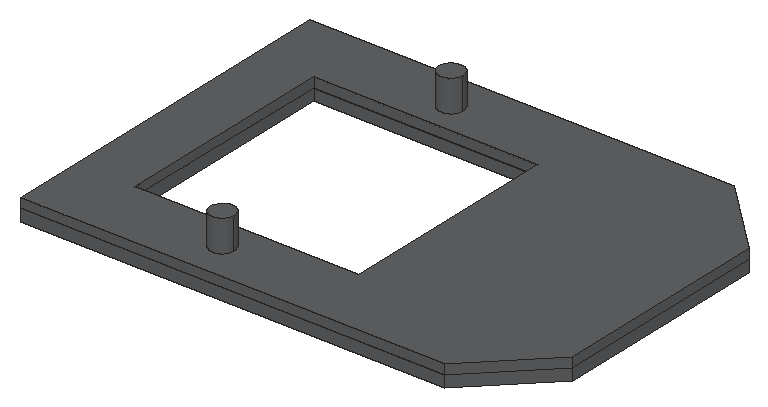
Revit family "Abdeckplatte für Universalträger UT3, mit Einbauöffnung für EKR-Gerät, mit Schraubbefestigung", category Generic Models, Revit 2015
Parameters (values of type "UT34 D2")
  Width = 76 mm
  URL = "http://www.obo-bettermann.com"
  Material = OBO PA
  Manufacturer Art.No. = "7408785"
  Manufacturer = "OBO Bettermann"
  Length = 104 mm
  Height 1 = 2 mm
  Height = 4.5 mm
  GTIN = "4012196435395"
  Article Type = "UT34 D2"
Reference planes
  plane 1 "Center (Front/Back)": y = 0
  plane 2: z = 0
  plane 3 "Center (Left/Right)": x = 0
  plane 4: z = -2
  plane 5: z = -4.5
  plane 6: z = 6.6
Forms (mm)
  Extrusion 1, solid, material "OBO PA" <- "Material"
    sketch origin (0, 0, 0) x (1, 0, 0) y (0, 1, 0)
      loop
        line (-62.75, 38) -> (-62.75, -38) -> (26.25, -38) -> (41.25, -23) -> (41.25, 23) -> (26.25, 38) -> (-62.75, 38)
    from 0 to -2
  Extrusion 2, solid, material "OBO PA" <- "Material"
    sketch origin (0, 0, 0) x (1, 0, 0) y (0, 1, 0)
      loop
        line (26.25, 38) -> (-62.75, 38) -> (-62.75, -38) -> (26.25, -38) -> (41.25, -23) -> (41.25, 23) -> (26.25, 38)
      loop
        line (-60.75, 36) -> (-60.75, -36) -> (25.422, -36) -> (39.25, -22.172) -> (39.25, 22.172) -> (25.422, 36) -> (-60.75, 36)
    from -2 to -4.5
  Extrusion 3, void
    sketch origin (0, 0, 0) x (1, 0, 0) y (0, 1, 0)
      loop
        line (-50.4, 23.5) -> (-50.4, -23.5) -> (-3.4, -23.5) -> (-3.4, 23.5) -> (-50.4, 23.5)
    from 0 to -2
  Extrusion 4, solid, material "OBO PA" <- "Material"
    sketch origin (0, 0, 0) x (1, 0, 0) y (0, 1, 0)
      loop
        line (-3.4, 23.5) -> (-50.4, 23.5) -> (-50.4, -23.5) -> (-3.4, -23.5) -> (-3.4, 23.5)
      loop
        line (-1.9, 25) -> (-51.9, 25) -> (-51.9, -25) -> (-1.9, -25) -> (-1.9, 25)
    from -2 to -4.5
  Extrusion 5, solid, material "OBO PA" <- "Material"
    sketch origin (0, 0, 0) x (1, 0, 0) y (0, 1, 0)
      loop
        circle (-26.75, 30) r 2.545
      loop
        circle (-26.75, -30) r 2.5
    from 0 to 6.6
Cuts and joins
  Extrusion 3 cuts Extrusion 1
Dimensions and locks
  "Height 1": level to plane 4
  "Height": level to plane 5
  locked: Extrusion 1 sketch curve to Extrusion 1 sketch curve at 15  (x2)
  "Width": Extrusion 1 sketch curve to Extrusion 1 sketch curve
  "Length": Extrusion 1 sketch curve to Extrusion 1 sketch curve
  equal spacing: Extrusion 1 sketch curve, plane 1 "Center (Front/Back)", Extrusion 1 sketch curve, locked at 38 each
  locked: plane 3 "Center (Left/Right)" to Extrusion 1 sketch curve at 41.25
  locked: Extrusion 3 sketch curve to Extrusion 3 sketch curve at 47  (x2)
  equal spacing: Extrusion 3 sketch curve, plane 1 "Center (Front/Back)", Extrusion 3 sketch curve, locked at 23.5 each
  Extrusion 3 sketch curve to Extrusion 2 = 12.5 mm
  locked: cut or joined group of Extrusion 1, Extrusion 3 to Extrusion 5 sketch curve at 36  (x2)
  locked: cut or joined group of Extrusion 1, Extrusion 3 to Extrusion 5 sketch curve at 8  (x2)
  locked: plane 6 to level at 6.6
  locked: cut or joined group of Extrusion 1, Extrusion 3 to Extrusion 3 sketch curve at 12.35
  diameter of Extrusion 5 sketch curve = 5.09 mm
  diameter of Extrusion 5 sketch curve = 5 mm
  aligned and locked: level to plane 2
  aligned and locked: Extrusion 1 to level
  aligned and locked: plane 4 to Extrusion 1
  aligned and locked: Extrusion 2 sketch curve to Extrusion 1  (x6)
  aligned and locked: Extrusion 1 to Extrusion 2
  aligned and locked: Extrusion 2 to plane 5
  aligned and locked: Extrusion 3 to level
  aligned and locked: Extrusion 1 to Extrusion 3
  aligned and locked: Extrusion 4 sketch curve to cut or joined group of Extrusion 1, Extrusion 3  (x4)
  aligned and locked: Extrusion 4 to plane 4
  aligned and locked: Extrusion 4 to plane 5
  aligned and locked: Extrusion 5 to level
  aligned and locked: plane 6 to Extrusion 5
Automatic sketch dimensions
  Extrusion 1 sketch curve to Extrusion 1 sketch curve = 15 mm  (x2)
  Extrusion 2 sketch curve to Extrusion 2 sketch curve = 2 mm  (x4)
  Extrusion 2 sketch curve to Extrusion 2 sketch curve = 0.828 mm  (x4)
  Extrusion 4 sketch curve to Extrusion 4 sketch curve = 1.5 mm  (x4)
